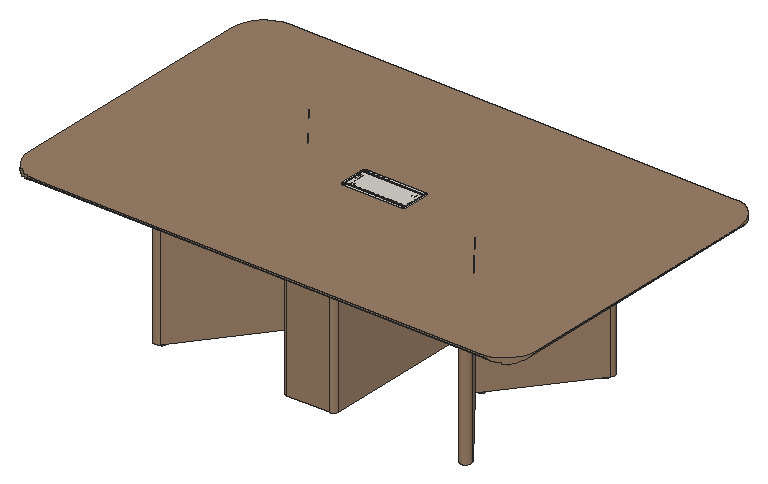
Revit family "Table-Teknion-CFTBKV-Figure_Table_Butter_Knife_Edge-Open_V_Leg_Base-R2023", category Furniture, Revit 2023 (continued)
Definition of nested family "BKV LEG"
  Definition of nested family "Hexa Panel"
    Lines and regions (in)
      symbolic lines, detail levels medium+fine
        curve 14: line (-4.88189, 7.25333, 0) -> (-4.88189, -7.25333, 0)
        curve 15: line (4.88189, -7.25333, 0) -> (4.88189, 7.25333, 0)
        curve 16: line (0.89772, 17.13189, 0) -> (-0.89772, 17.13189, 0)
        curve 17: line (-0.89772, 17.13189, 0) -> (-4.88189, 7.25333, 0)
        curve 18: line (4.88189, 7.25333, 0) -> (0.89772, 17.13189, 0)
        curve 19: line (2.88189, -6.8652, 0) -> (2.88189, 6.8652, 0)
        curve 20: line (0.92741, -11.71124, 0) -> (2.88189, -6.8652, 0)
        curve 21: line (-2.88189, -6.8652, 0) -> (-0.92741, -11.71124, 0)
        curve 22: line (-2.88189, 6.8652, 0) -> (-2.88189, -6.8652, 0)
        curve 23: line (-0.92741, 11.71124, 0) -> (-2.88189, 6.8652, 0)
        curve 24: line (2.88189, 6.8652, 0) -> (0.92741, 11.71124, 0)
        curve 25: arc (0.92741, 11.71124, 0) -> (0.55945, 12.16607, 0) -> (0, 12.3372, 0) r 1
        curve 26: arc (0, 12.3372, 0) -> (-0.55945, 12.16607, 0) -> (-0.92741, 11.71124, 0) r 1
        curve 27: arc (0, -12.3372, 0) -> (0.55945, -12.16607, 0) -> (0.92741, -11.71124, 0) r 1
        curve 28: arc (-0.92741, -11.71124, 0) -> (-0.55945, -12.16607, 0) -> (0, -12.3372, 0) r 1
      symbolic lines, detail levels fine
        curve 29: line (0.18042, -15.1875, 0) -> (-0.18042, -15.1875, 0)
        curve 30: line (-0.18042, -15.1875, 0) -> (-0.36084, -15.5, 0)
        curve 31: line (-0.36084, -15.5, 0) -> (-0.18042, -15.8125, 0)
        curve 32: line (-0.18042, -15.8125, 0) -> (0.18042, -15.8125, 0)
        curve 33: line (0.18042, -15.8125, 0) -> (0.36084, -15.5, 0)
        curve 34: line (0.36084, -15.5, 0) -> (0.18042, -15.1875, 0)
        curve 35: line (-3.54859, -7.06461, 0) -> (-3.72901, -6.75211, 0)
        curve 36: line (-3.72901, -6.75211, 0) -> (-4.08986, -6.75211, 0)
        curve 37: line (-4.08986, -6.75211, 0) -> (-4.27028, -7.06461, 0)
        curve 38: line (-4.27028, -7.06461, 0) -> (-4.08986, -7.37711, 0)
        curve 39: line (-4.08986, -7.37711, 0) -> (-3.72901, -7.37711, 0)
        curve 40: line (-3.72901, -7.37711, 0) -> (-3.54859, -7.06461, 0)
        curve 41: line (4.08986, -6.75211, 0) -> (3.72901, -6.75211, 0)
        curve 42: line (3.72901, -6.75211, 0) -> (3.54859, -7.06461, 0)
        curve 43: line (3.54859, -7.06461, 0) -> (3.72901, -7.37711, 0)
        curve 44: line (3.72901, -7.37711, 0) -> (4.08986, -7.37711, 0)
        curve 45: line (4.08986, -7.37711, 0) -> (4.27028, -7.06461, 0)
        curve 46: line (4.27028, -7.06461, 0) -> (4.08986, -6.75211, 0)
        curve 47: line (4.08986, 7.37711, 0) -> (3.72901, 7.37711, 0)
        curve 48: line (3.72901, 7.37711, 0) -> (3.54859, 7.06461, 0)
        curve 49: line (3.54859, 7.06461, 0) -> (3.72901, 6.75211, 0)
        curve 50: line (3.72901, 6.75211, 0) -> (4.08986, 6.75211, 0)
        curve 51: line (4.08986, 6.75211, 0) -> (4.27028, 7.06461, 0)
        curve 52: line (4.27028, 7.06461, 0) -> (4.08986, 7.37711, 0)
        curve 53: line (-3.72901, 7.37711, 0) -> (-4.08986, 7.37711, 0)
        curve 54: line (-4.08986, 7.37711, 0) -> (-4.27028, 7.06461, 0)
        curve 55: line (-4.27028, 7.06461, 0) -> (-4.08986, 6.75211, 0)
        curve 56: line (-4.08986, 6.75211, 0) -> (-3.72901, 6.75211, 0)
        curve 57: line (-3.72901, 6.75211, 0) -> (-3.54859, 7.06461, 0)
        curve 58: line (-3.54859, 7.06461, 0) -> (-3.72901, 7.37711, 0)
        curve 59: line (0.36084, 15.5, 0) -> (0.18042, 15.8125, 0)
        curve 60: line (0.18042, 15.8125, 0) -> (-0.18042, 15.8125, 0)
        curve 61: line (-0.18042, 15.8125, 0) -> (-0.36084, 15.5, 0)
        curve 62: line (-0.36084, 15.5, 0) -> (-0.18042, 15.1875, 0)
        curve 63: line (-0.18042, 15.1875, 0) -> (0.18042, 15.1875, 0)
        curve 64: line (0.18042, 15.1875, 0) -> (0.36084, 15.5, 0)
        curve 65: arc (-0.5, 15.5, 0) -> (0, 16, 0) -> (0.5, 15.5, 0) r 0.5
        curve 66: arc (0.5, 15.5, 0) -> (0, 15, 0) -> (-0.5, 15.5, 0) r 0.5
        curve 67: arc (3.40943, 7.06461, 0) -> (3.90943, 7.56461, 0) -> (4.40943, 7.06461, 0) r 0.5
        curve 68: arc (4.40943, 7.06461, 0) -> (3.90943, 6.56461, 0) -> (3.40943, 7.06461, 0) r 0.5
        curve 69: arc (-4.40943, 7.06461, 0) -> (-3.90943, 7.56461, 0) -> (-3.40943, 7.06461, 0) r 0.5
        curve 70: arc (-3.40943, 7.06461, 0) -> (-3.90943, 6.56461, 0) -> (-4.40943, 7.06461, 0) r 0.5
        curve 71: arc (-3.40943, -7.06461, 0) -> (-3.90943, -6.56461, 0) -> (-4.40943, -7.06461, 0) r 0.5
        curve 72: arc (-4.40943, -7.06461, 0) -> (-3.90943, -7.56461, 0) -> (-3.40943, -7.06461, 0) r 0.5
        curve 73: arc (4.40943, -7.06461, 0) -> (3.90943, -6.56461, 0) -> (3.40943, -7.06461, 0) r 0.5
        curve 74: arc (3.40943, -7.06461, 0) -> (3.90943, -7.56461, 0) -> (4.40943, -7.06461, 0) r 0.5
        curve 75: arc (0.5, -15.5, 0) -> (0, -15, 0) -> (-0.5, -15.5, 0) r 0.5
        curve 76: arc (-0.5, -15.5, 0) -> (0, -16, 0) -> (0.5, -15.5, 0) r 0.5
        curve 77: line (-0.67495, -18, 0) -> (0.67495, -18, 0)
    Dimensions and locks (in)
      plane 4 "Left" to plane 5 "Right" = 10.000"
      "Panel Width": plane 6 "Back" to plane 7 "Front"
      locked: plane 8 "Top" to level at 26.75
      equal spacing: plane 6 "Back", plane 1 "Center Front/Back", plane 7 "Front"
      equal spacing: plane 4 "Left", plane 3 "Center Left/Right", plane 5 "Right"
      plane 6 "Back" to plane 11 "4" to plane 12 "3" = 2.500" locked, 8.43539" locked
      plane 7 "Front" to plane 9 "1" to plane 10 "2" = 2.500" locked, 8.43539" locked
      locked: plane 13 to plane 2 at 0.5
      plane 7 "Front" to Sweep 1 sketch curve to Sweep 1 sketch curve to Sweep 1 sketch curve to Sweep 1 sketch curve to Sweep 1 sketch curve = 0.62596" locked, 0.000" locked, 0.37404" locked, 9.72375" locked, 0.000" locked
      plane 6 "Back" to Sweep 1 sketch curve to Sweep 1 sketch curve to Sweep 1 sketch curve to Sweep 1 sketch curve to Sweep 1 sketch curve = 0.62596" locked, 0.000" locked, 0.37404" locked, 9.72375" locked, 0.000" locked
      locked: Sweep 2 sketch curve to plane 13 at 0.75
      locked: plane 8 "Top" to Sweep 2 sketch curve at 0.75
      plane 4 "Left" to Sweep 2 sketch curve to Sweep 2 sketch curve to Sweep 2 sketch curve = 0.11811" locked, 3.98417" locked, 0.000" locked
      Sweep 2 sketch curve to Sweep 2 sketch curve to Sweep 2 sketch curve to plane 5 "Right" = 0.000" locked, 3.98417" locked, 0.11811" locked
      plane 6 "Back" to Sweep 2 sketch curve to Sweep 2 sketch curve to Sweep 2 sketch curve = 0.86811" locked, 9.87856" locked, 0.000" locked
      plane 7 "Front" to Sweep 2 sketch curve to Sweep 2 sketch curve to Sweep 2 sketch curve = 0.86811" locked, 9.87856" locked, 0.000" locked
      locked: Sweep 3 sketch curve to plane 8 "Top" at 2
      locked: plane 2 to Sweep 3 sketch curve at 2.25
      plane 7 "Front" to Sweep 3 sketch curve to Sweep 3 sketch curve to Sweep 3 sketch curve to Sweep 3 sketch curve to Sweep 3 sketch curve = 6.28876" locked, 0.000" locked, 0.37404" locked, 4.47199" locked, 0.000" locked
      plane 4 "Left" to Sweep 3 sketch curve to Sweep 3 sketch curve = 2.11811" locked, 1.95448" locked
      Sweep 3 sketch curve to Sweep 3 sketch curve to plane 5 "Right" = 1.95448" locked, 2.11811" locked
      locked: plane 4 "Left" to Sweep 3 sketch curve at 4.07259
      locked: Sweep 3 sketch curve to plane 5 "Right" at 4.07259
      plane 6 "Back" to Sweep 3 sketch curve to Sweep 3 sketch curve to Sweep 3 sketch curve to Sweep 3 sketch curve to Sweep 3 sketch curve = 6.28876" locked, 0.000" locked, 0.37404" locked, 4.47199" locked, 0.000" locked
      locked: plane 4 "Left" to Sweep 1 sketch curve at 4.07259  (x2)
      locked: Sweep 1 sketch curve to plane 5 "Right" at 4.07259  (x2)
      locked: Revolve 4 sketch curve to plane 2 at 0.25
      locked: plane 3 "Center Left/Right" to Revolve 4 sketch curve at 0.5
      locked: Revolve 5 sketch curve to plane 2 at 0.25
      Revolve 5 sketch curve to Revolve 5 sketch curve to plane 4 "Left" = 0.500" locked, 0.59057" locked
      locked: plane 4 "Left" to Revolve 5 sketch curve at 1.09057
      locked: Revolve 6 sketch curve to plane 2 at 0.25
      Revolve 6 sketch curve to Revolve 6 sketch curve to plane 5 "Right" = 0.500" locked, 1.09057" locked
      locked: Revolve 6 sketch curve to plane 5 "Right" at 1.09057
      Revolve 7 sketch curve to Revolve 7 sketch curve to plane 4 "Left" = 0.500" locked, 0.59057" locked
      locked: Revolve 7 sketch curve to plane 2 at 0.25
      locked: plane 4 "Left" to Revolve 7 sketch curve at 1.09057
      locked: Revolve 9 sketch curve to plane 2 at 0.25
      locked: plane 3 "Center Left/Right" to Revolve 9 sketch curve at 0.5
      locked: Revolve 8 sketch curve to plane 2 at 0.25
      Revolve 8 sketch curve to Revolve 8 sketch curve to plane 5 "Right" = 0.500" locked, 1.09057" locked
      locked: Revolve 8 sketch curve to plane 5 "Right" at 1.09057
      locked: Sweep 10 sketch curve to plane 2 at 0.25
      Sweep 10 sketch curve to Sweep 10 sketch curve to Sweep 10 sketch curve to plane 3 "Center Left/Right" to Sweep 10 sketch curve to Sweep 10 sketch curve to Sweep 10 sketch curve = 0.18042" locked, 0.000" locked, 0.18042" locked, 0.18042" locked, 0.000" locked, 0.18042" locked  (x2)
      Sweep 10 sketch curve to plane 9 "1" to Sweep 10 sketch curve = 0.3125" locked, 0.3125" locked
      plane 4 "Left" to Sweep 10 sketch curve to Sweep 10 sketch curve to Sweep 10 sketch curve to Sweep 10 sketch curve to Sweep 10 sketch curve to Sweep 10 sketch curve = 0.72972" locked, 0.18042" locked, 0.000" locked, 0.36084" locked, 0.000" locked, 0.18042" locked  (x2)
      Sweep 10 sketch curve to Sweep 10 sketch curve to Sweep 10 sketch curve to Sweep 10 sketch curve to Sweep 10 sketch curve to Sweep 10 sketch curve to plane 5 "Right" = 0.18042" locked, 0.000" locked, 0.36084" locked, 0.000" locked, 0.18042" locked, 0.72972" locked  (x2)
      Sweep 10 sketch curve to plane 10 "2" to Sweep 10 sketch curve = 0.3125" locked, 0.3125" locked  (x2)
      Sweep 10 sketch curve to plane 12 "3" to Sweep 10 sketch curve = 0.3125" locked, 0.3125" locked  (x2)
      Sweep 10 sketch curve to plane 11 "4" to Sweep 10 sketch curve = 0.3125" locked, 0.3125" locked
      aligned and locked: level to plane 2
      aligned and locked: Sweep 1 sketch curve to plane 3 "Center Left/Right"
      aligned and locked: plane 8 "Top" to Sweep 1 sketch curve
      aligned and locked: plane 13 to Sweep 1 sketch curve
      aligned and locked: plane 6 "Back" to Sweep 1 sketch curve
      aligned and locked: plane 7 "Front" to Sweep 1 sketch curve
      aligned and locked: Sweep 2 sketch curve to plane 3 "Center Left/Right"
      aligned and locked: Sweep 3 sketch curve to plane 3 "Center Left/Right"
      aligned and locked: plane 2 to Revolve 4 sketch curve
      aligned and locked: Revolve 4 sketch curve to plane 3 "Center Left/Right"  (x2)
      aligned and locked: plane 2 to Revolve 5 sketch curve
      aligned and locked: plane 2 to Revolve 6 sketch curve
      aligned and locked: plane 2 to Revolve 7 sketch curve
      aligned and locked: plane 2 to Revolve 9 sketch curve
      aligned and locked: Revolve 9 sketch curve to plane 3 "Center Left/Right"  (x2)
      aligned and locked: plane 2 to Revolve 8 sketch curve
      aligned and locked: plane 13 to Sweep 10 sketch curve
      aligned and locked: Sweep 10 sketch curve to plane 3 "Center Left/Right"
      aligned and locked: plane 9 "1" to Sweep 10 sketch curve  (x2)
      aligned and locked: plane 10 "2" to Sweep 10 sketch curve  (x4)
      aligned and locked: plane 12 "3" to Sweep 10 sketch curve  (x4)
      aligned and locked: plane 11 "4" to Sweep 10 sketch curve  (x2)
      aligned and locked: curve 1 to cut or joined group of Sweep 1, Sweep 2, Sweep 3, Sweep 11, Sweep 12, Sweep 13, Sweep 14
      aligned and locked: curve 3 to cut or joined group of Sweep 1, Sweep 2, Sweep 3, Sweep 11, Sweep 12, Sweep 13, Sweep 14
      aligned and locked: curve 4 to cut or joined group of Sweep 1, Sweep 2, Sweep 3, Sweep 11, Sweep 12, Sweep 13, Sweep 14
      aligned and locked: curve 5 to cut or joined group of Sweep 1, Sweep 2, Sweep 3, Sweep 11, Sweep 12, Sweep 13, Sweep 14
      aligned and locked: curve 6 to cut or joined group of Sweep 1, Sweep 2, Sweep 3, Sweep 11, Sweep 12, Sweep 13, Sweep 14
      aligned and locked: curve 7 to cut or joined group of Sweep 1, Sweep 2, Sweep 3, Sweep 11, Sweep 12, Sweep 13, Sweep 14
      aligned and locked: curve 9 to cut or joined group of Sweep 1, Sweep 2, Sweep 3, Sweep 11, Sweep 12, Sweep 13, Sweep 14
      aligned and locked: curve 10 to cut or joined group of Sweep 1, Sweep 2, Sweep 3, Sweep 11, Sweep 12, Sweep 13, Sweep 14
      aligned and locked: curve 11 to cut or joined group of Sweep 1, Sweep 2, Sweep 3, Sweep 11, Sweep 12, Sweep 13, Sweep 14
      aligned and locked: curve 12 to cut or joined group of Sweep 1, Sweep 2, Sweep 3, Sweep 11, Sweep 12, Sweep 13, Sweep 14
      aligned and locked: curve 13 to cut or joined group of Sweep 1, Sweep 2, Sweep 3, Sweep 11, Sweep 12, Sweep 13, Sweep 14
      aligned and locked: curve 14 to cut or joined group of Sweep 1, Sweep 2, Sweep 3, Sweep 11, Sweep 12, Sweep 13, Sweep 14
      aligned and locked: curve 15 to cut or joined group of Sweep 1, Sweep 2, Sweep 3, Sweep 11, Sweep 12, Sweep 13, Sweep 14
      aligned and locked: curve 16 to cut or joined group of Sweep 1, Sweep 2, Sweep 3, Sweep 11, Sweep 12, Sweep 13, Sweep 14
      aligned and locked: curve 17 to cut or joined group of Sweep 1, Sweep 2, Sweep 3, Sweep 11, Sweep 12, Sweep 13, Sweep 14
      aligned and locked: curve 18 to cut or joined group of Sweep 1, Sweep 2, Sweep 3, Sweep 11, Sweep 12, Sweep 13, Sweep 14
      aligned and locked: curve 19 to cut or joined group of Sweep 1, Sweep 2, Sweep 3, Sweep 11, Sweep 12, Sweep 13, Sweep 14
      aligned and locked: curve 21 to cut or joined group of Sweep 1, Sweep 2, Sweep 3, Sweep 11, Sweep 12, Sweep 13, Sweep 14
      aligned and locked: curve 22 to cut or joined group of Sweep 1, Sweep 2, Sweep 3, Sweep 11, Sweep 12, Sweep 13, Sweep 14
      aligned and locked: curve 24 to cut or joined group of Sweep 1, Sweep 2, Sweep 3, Sweep 11, Sweep 12, Sweep 13, Sweep 14
      aligned and locked: curve 25 to cut or joined group of Sweep 1, Sweep 2, Sweep 3, Sweep 11, Sweep 12, Sweep 13, Sweep 14
      aligned and locked: curve 26 to cut or joined group of Sweep 1, Sweep 2, Sweep 3, Sweep 11, Sweep 12, Sweep 13, Sweep 14
      aligned and locked: curve 27 to cut or joined group of Sweep 1, Sweep 2, Sweep 3, Sweep 11, Sweep 12, Sweep 13, Sweep 14
      aligned and locked: curve 28 to cut or joined group of Sweep 1, Sweep 2, Sweep 3, Sweep 11, Sweep 12, Sweep 13, Sweep 14
      aligned and locked: curve 29 to cut or joined group of Revolve 4, Revolve 5, Revolve 6, Revolve 7, Revolve 8, Revolve 9, Sweep 10
      aligned and locked: curve 30 to cut or joined group of Revolve 4, Revolve 5, Revolve 6, Revolve 7, Revolve 8, Revolve 9, Sweep 10
      aligned and locked: curve 31 to cut or joined group of Revolve 4, Revolve 5, Revolve 6, Revolve 7, Revolve 8, Revolve 9, Sweep 10
      aligned and locked: curve 32 to cut or joined group of Revolve 4, Revolve 5, Revolve 6, Revolve 7, Revolve 8, Revolve 9, Sweep 10
      aligned and locked: curve 33 to cut or joined group of Revolve 4, Revolve 5, Revolve 6, Revolve 7, Revolve 8, Revolve 9, Sweep 10
      aligned and locked: curve 34 to cut or joined group of Revolve 4, Revolve 5, Revolve 6, Revolve 7, Revolve 8, Revolve 9, Sweep 10
      aligned and locked: curve 35 to cut or joined group of Revolve 4, Revolve 5, Revolve 6, Revolve 7, Revolve 8, Revolve 9, Sweep 10
      aligned and locked: curve 36 to cut or joined group of Revolve 4, Revolve 5, Revolve 6, Revolve 7, Revolve 8, Revolve 9, Sweep 10
      aligned and locked: curve 37 to cut or joined group of Revolve 4, Revolve 5, Revolve 6, Revolve 7, Revolve 8, Revolve 9, Sweep 10
      aligned and locked: curve 38 to cut or joined group of Revolve 4, Revolve 5, Revolve 6, Revolve 7, Revolve 8, Revolve 9, Sweep 10
      aligned and locked: curve 39 to cut or joined group of Revolve 4, Revolve 5, Revolve 6, Revolve 7, Revolve 8, Revolve 9, Sweep 10
      aligned and locked: curve 40 to cut or joined group of Revolve 4, Revolve 5, Revolve 6, Revolve 7, Revolve 8, Revolve 9, Sweep 10
      aligned and locked: curve 41 to cut or joined group of Revolve 4, Revolve 5, Revolve 6, Revolve 7, Revolve 8, Revolve 9, Sweep 10
      aligned and locked: curve 42 to cut or joined group of Revolve 4, Revolve 5, Revolve 6, Revolve 7, Revolve 8, Revolve 9, Sweep 10
      aligned and locked: curve 43 to cut or joined group of Revolve 4, Revolve 5, Revolve 6, Revolve 7, Revolve 8, Revolve 9, Sweep 10
      aligned and locked: curve 44 to cut or joined group of Revolve 4, Revolve 5, Revolve 6, Revolve 7, Revolve 8, Revolve 9, Sweep 10
      aligned and locked: curve 45 to cut or joined group of Revolve 4, Revolve 5, Revolve 6, Revolve 7, Revolve 8, Revolve 9, Sweep 10
      aligned and locked: curve 46 to cut or joined group of Revolve 4, Revolve 5, Revolve 6, Revolve 7, Revolve 8, Revolve 9, Sweep 10
      aligned and locked: curve 47 to cut or joined group of Revolve 4, Revolve 5, Revolve 6, Revolve 7, Revolve 8, Revolve 9, Sweep 10
      aligned and locked: curve 48 to cut or joined group of Revolve 4, Revolve 5, Revolve 6, Revolve 7, Revolve 8, Revolve 9, Sweep 10
      aligned and locked: curve 49 to cut or joined group of Revolve 4, Revolve 5, Revolve 6, Revolve 7, Revolve 8, Revolve 9, Sweep 10
      aligned and locked: curve 50 to cut or joined group of Revolve 4, Revolve 5, Revolve 6, Revolve 7, Revolve 8, Revolve 9, Sweep 10
      aligned and locked: curve 51 to cut or joined group of Revolve 4, Revolve 5, Revolve 6, Revolve 7, Revolve 8, Revolve 9, Sweep 10
      aligned and locked: curve 52 to cut or joined group of Revolve 4, Revolve 5, Revolve 6, Revolve 7, Revolve 8, Revolve 9, Sweep 10
      aligned and locked: curve 53 to cut or joined group of Revolve 4, Revolve 5, Revolve 6, Revolve 7, Revolve 8, Revolve 9, Sweep 10
      aligned and locked: curve 54 to cut or joined group of Revolve 4, Revolve 5, Revolve 6, Revolve 7, Revolve 8, Revolve 9, Sweep 10
      aligned and locked: curve 55 to cut or joined group of Revolve 4, Revolve 5, Revolve 6, Revolve 7, Revolve 8, Revolve 9, Sweep 10
      aligned and locked: curve 56 to cut or joined group of Revolve 4, Revolve 5, Revolve 6, Revolve 7, Revolve 8, Revolve 9, Sweep 10
      aligned and locked: curve 57 to cut or joined group of Revolve 4, Revolve 5, Revolve 6, Revolve 7, Revolve 8, Revolve 9, Sweep 10
      aligned and locked: curve 58 to cut or joined group of Revolve 4, Revolve 5, Revolve 6, Revolve 7, Revolve 8, Revolve 9, Sweep 10
      aligned and locked: curve 59 to cut or joined group of Revolve 4, Revolve 5, Revolve 6, Revolve 7, Revolve 8, Revolve 9, Sweep 10
      aligned and locked: curve 60 to cut or joined group of Revolve 4, Revolve 5, Revolve 6, Revolve 7, Revolve 8, Revolve 9, Sweep 10
      aligned and locked: curve 61 to cut or joined group of Revolve 4, Revolve 5, Revolve 6, Revolve 7, Revolve 8, Revolve 9, Sweep 10
      aligned and locked: curve 62 to cut or joined group of Revolve 4, Revolve 5, Revolve 6, Revolve 7, Revolve 8, Revolve 9, Sweep 10
      aligned and locked: curve 63 to cut or joined group of Revolve 4, Revolve 5, Revolve 6, Revolve 7, Revolve 8, Revolve 9, Sweep 10
      aligned and locked: curve 64 to cut or joined group of Revolve 4, Revolve 5, Revolve 6, Revolve 7, Revolve 8, Revolve 9, Sweep 10
      aligned and locked: curve 65 to cut or joined group of Revolve 4, Revolve 5, Revolve 6, Revolve 7, Revolve 8, Revolve 9, Sweep 10
      aligned and locked: curve 66 to cut or joined group of Revolve 4, Revolve 5, Revolve 6, Revolve 7, Revolve 8, Revolve 9, Sweep 10
      aligned and locked: curve 67 to cut or joined group of Revolve 4, Revolve 5, Revolve 6, Revolve 7, Revolve 8, Revolve 9, Sweep 10
      aligned and locked: curve 68 to cut or joined group of Revolve 4, Revolve 5, Revolve 6, Revolve 7, Revolve 8, Revolve 9, Sweep 10
      aligned and locked: curve 69 to cut or joined group of Revolve 4, Revolve 5, Revolve 6, Revolve 7, Revolve 8, Revolve 9, Sweep 10
      aligned and locked: curve 70 to cut or joined group of Revolve 4, Revolve 5, Revolve 6, Revolve 7, Revolve 8, Revolve 9, Sweep 10
      aligned and locked: curve 71 to cut or joined group of Revolve 4, Revolve 5, Revolve 6, Revolve 7, Revolve 8, Revolve 9, Sweep 10
      aligned and locked: curve 72 to cut or joined group of Revolve 4, Revolve 5, Revolve 6, Revolve 7, Revolve 8, Revolve 9, Sweep 10
      aligned and locked: curve 73 to cut or joined group of Revolve 4, Revolve 5, Revolve 6, Revolve 7, Revolve 8, Revolve 9, Sweep 10
      aligned and locked: curve 74 to cut or joined group of Revolve 4, Revolve 5, Revolve 6, Revolve 7, Revolve 8, Revolve 9, Sweep 10
      aligned and locked: curve 75 to cut or joined group of Revolve 4, Revolve 5, Revolve 6, Revolve 7, Revolve 8, Revolve 9, Sweep 10
      aligned and locked: curve 76 to cut or joined group of Revolve 4, Revolve 5, Revolve 6, Revolve 7, Revolve 8, Revolve 9, Sweep 10
      aligned and locked: plane 7 "Front" to curve 77
      aligned and locked: plane 8 "Top" to Sweep 11 sketch curve
    Automatic sketch dimensions
      Sweep 1 sketch curve to profile plane = 0.000"  (x2)
      Sweep 3 sketch curve to profile plane = 0.000"  (x2)
      Revolve 4 sketch curve to level = 0.69828"
      plane 13 to Revolve 4 sketch curve = 0.15926"
      Revolve 5 sketch curve to plane 13 = 0.07146"
      Revolve 5 sketch curve to level = 0.48144"
      Revolve 6 sketch curve to plane 13 = 0.0769"
      Revolve 6 sketch curve to level = 0.3269"
      level to Revolve 7 sketch curve = 0.23252"
      plane 13 to Revolve 7 sketch curve = 0.09564"
      level to Revolve 9 sketch curve = 0.54196"
      Revolve 9 sketch curve to plane 13 = 0.1177"
      level to Revolve 8 sketch curve = 0.45393"
      plane 13 to Revolve 8 sketch curve = 0.08613"
      curve 4 to plane 3 "Center Left/Right" = 0.000"
      curve 9 to plane 3 "Center Left/Right" = 0.000"
      curve 5 to curve 13 = 0.02292"
      curve 14 to curve 2 = 0.02292"
      curve 23 to curve 24 = 0.000"
      curve 25 to plane 3 "Center Left/Right" = 0.000"
      plane 10 "2" to curve 19 = 0.19941"
      curve 28 to plane 3 "Center Left/Right" = 0.000"
      plane 11 "4" to curve 65 = 0.000"
      plane 11 "4" to curve 66 = 0.000"
      plane 12 "3" to curve 67 = 0.000"
      plane 12 "3" to curve 68 = 0.000"
      plane 12 "3" to curve 69 = 0.000"
      plane 12 "3" to curve 70 = 0.000"
      curve 71 to plane 10 "2" = 0.000"
      curve 72 to plane 10 "2" = 0.000"
      curve 73 to plane 10 "2" = 0.000"
      curve 74 to plane 10 "2" = 0.000"
      curve 75 to plane 9 "1" = 0.000"  (x2)
      curve 3 to curve 16 = 0.02969"
      curve 16 to curve 4 = 0.02969"
      curve 10 to curve 11 = 0.02969"
      curve 11 to curve 9 = 0.02969"
      curve 2 to plane 6 "Back" = 0.000"
      curve 1 to plane 6 "Back" = 0.000"
      Sweep 11 sketch curve to plane 1 "Center Front/Back" = 0.000"
      Sweep 11 sketch curve to plane 4 "Left" = 3.000"
      Sweep 11 sketch curve to plane 5 "Right" = 3.000"
      Sweep 12 sketch curve to plane 1 "Center Front/Back" = 0.000"
      Sweep 12 sketch curve to plane 4 "Left" = 3.250"
      Sweep 12 sketch curve to plane 3 "Center Left/Right" = 1.000"
      Sweep 13 sketch curve to plane 3 "Center Left/Right" = 0.000"
      Sweep 13 sketch curve to level = 4.500"
      plane 13 to Sweep 13 sketch curve = 5.000"
      plane 1 "Center Front/Back" to Sweep 13 sketch curve = 0.000"
      Sweep 13 sketch curve to profile plane = 0.000"
      profile plane to Sweep 11 sketch curve = 5.000"
      Sweep 11 sketch curve to Sweep 11 sketch curve = 0.500"  (x2)
      Sweep 11 sketch curve to profile plane = 4.500"
      Sweep 11 sketch curve to Sweep 11 sketch curve = 2.250"
      profile plane to Sweep 12 sketch curve = 4.000"
      Sweep 12 sketch curve to Sweep 12 sketch curve = 0.100"  (x3)
      Sweep 12 sketch curve to Sweep 12 sketch curve = 0.500"
      Sweep 12 sketch curve to profile plane = 3.500"
      Sweep 12 sketch curve to profile plane = 3.900"
      level to Sweep 12 sketch curve = 4.500"
      Sweep 12 sketch curve to Sweep 12 sketch curve = 16.650"
      Sweep 12 sketch curve to Sweep 12 sketch curve = 0.750"
      Sweep 14 sketch curve to plane 1 "Center Front/Back" = 0.000"
      Sweep 14 sketch curve to plane 4 "Left" = 3.000"
      Sweep 14 sketch curve to plane 5 "Right" = 2.250"
      radius of Sweep 13 sketch curve = 4.11878"
  Definition of nested family "V Leg"
    Parameters (values of type "V Leg")
      Warranty = "http://www.teknion.com/ca/papers/legal-canada"
      V Leg - Width [instance] = if(Depth = 60.000", 15.045", 12.743")  # 15.045"
      Unit Weight URL = "http://www.teknion.com/ca/tools/assets#&asset=bee6a381-b954-425e-8283-5a2de3a804f2,f828d448-4b62-4231-9e5f-9a8991c0ed77"
      URL = "www.teknion.com"
      To render please download texture images found here [instance] = "https://assets.teknion.com/web/5e81352c1dfdb467/revit-material-swatches/"
      Sustainability Data = "https://www.teknion.com/ca/tools/assets#&topic=216f99a5-57a0-44fc-b10a-9dee9b29ae4c&asset=444deb64-fe58-4b68-981e-f75e97781df7,b4ff2d81-9f2e-437d-9659-7cffb09c31cf"
      Series = ""
      Product Page URL = ""
      Product Line = ""
      Product Documentation Link = ""
      Part Number = ""
      Model = ""
      Manufacturer Phone = "416-661-3370"  # constant formula
      Manufacturer Fax = "416.661.4586"  # constant formula
      Manufacturer Contact Information = "http://www.teknion.com/ca/contactus"
      Manufacturer Address = "1150 Flint Road, Toronto, ON. M3J 2J5. Canada"  # constant formula
      Manufacturer = "Teknion"  # constant formula
      How To Use Teknion Materials User Guide [instance] = "https://assets.teknion.com/m/205dd0a49fa58060/original/How-to-add-a-Material-Library-and-Texture-Images-to-your-Revit-project.pdf"
      Glide Finish [instance] = none
      V Leg - Depth [instance] = if(Depth = 60.000", 36.000", 30.000")  # 36.000"
      For Additional Finishes please visit [instance] = "https://assets.teknion.com/m/44a8009b046e5d47/original/Teknion_Materials_Library.zip"
      Description = "V Leg"
      Depth [instance] = 60.000"
      Default Elevation = 0.000"
      Base Finish [instance] = none
      Assembly Code = "E2020200"
    Reference planes (in)
      plane 1 "Center Front/Back": y = -0.10332
      plane 2: z = 0
      plane 3 "Center Left/Right": x = 6.2179
      plane 4 "Left": x = -1.3046
      plane 5 "Right": x = 13.7404
      plane 6 "Back": y = 17.89668
      plane 7 "Front": y = -18.10332
      plane 8 "Top": z = 26.75
      plane 9: z = 0.5
    Forms (in)
      Sweep 1, solid, material <- "Glide Finish"
        path origin (0, -0.10332, 0) x (1, 0, 0) y (0, 0, 1)
          loop
            line (6.2179, 0.25) -> (6.2179, 0.5)
        profile origin (6.2179, -0.10332, 0.375) x (-1, 0, 0) y (0, -1, 0)
          loop
            line (6.0377, -16.91582) -> (6.39854, -16.91582) -> (6.57896, -16.60332) -> (6.39854, -16.29082) -> (6.0377, -16.29082) -> (5.85728, -16.60332) -> (6.0377, -16.91582)
          loop
            line (-5.4854, -1.89921) -> (-5.12456, -1.89921) -> (-4.94413, -1.58671) -> (-5.12456, -1.27421) -> (-5.4854, -1.27421) -> (-5.66582, -1.58671) -> (-5.4854, -1.89921)
          loop
            line (-5.66582, 1.58671) -> (-5.4854, 1.27421) -> (-5.12456, 1.27421) -> (-4.94413, 1.58671) -> (-5.12456, 1.89921) -> (-5.4854, 1.89921) -> (-5.66582, 1.58671)
          loop
            line (6.0377, 16.29082) -> (6.39854, 16.29082) -> (6.57896, 16.60332) -> (6.39854, 16.91582) -> (6.0377, 16.91582) -> (5.85728, 16.60332) -> (6.0377, 16.29082)
      Sweep 2, solid, material <- "Glide Finish"
        path origin (0, -0.10332, 0) x (1, 0, 0) y (0, 0, 1)
          loop
            line (6.2179, 0.25) -> (6.2179, 0)
        profile origin (6.2179, -0.10332, 0.125) x (0, -1, 0) y (1, 0, 0)
          loop
            circle (16.60332, -6.21812) r 0.5
          loop
            circle (-16.60332, -6.21812) r 0.5
          loop
            circle (-1.58671, 5.30498) r 0.5
          loop
            circle (1.58671, 5.30498) r 0.5
      Sweep 3, solid, material <- "Base Finish"
        path origin (0, -0.10332, 0) x (1, 0, 0) y (0, 0, 1)
          loop
            line (6.2179, 0.5) -> (6.2179, 26.75)
        profile origin (6.2179, -0.10332, 13.625) x (-1, 0, 0) y (0, -1, 0)
          loop
            line (-7.31541, -0.60876) -> (5.72915, -17.60876)
            arc (5.72915, -17.60876) -> (6.08021, -17.89687) -> (6.5225, -18) r 1
            arc (6.5225, -18) -> (7.41937, -17.44229) -> (7.31585, -16.39124) r 1
            line (7.31585, -16.39124) -> (-5.26159, 0) -> (7.31585, 16.39124)
            arc (7.31585, 16.39124) -> (7.13126, 17.79335) -> (5.72915, 17.60876) r 1
            line (5.72915, 17.60876) -> (-7.31541, 0.60876)
            arc (-7.31541, 0.60876) -> (-7.52215, 0) -> (-7.31541, -0.60876) r 0.99965
    Cuts and joins
      joined: Sweep 1, Sweep 2
    Lines and regions (in)
      Masking region 1, detail levels medium+fine
        outline origin (0, 0, 0) x (1, 0, 0) y (0, 1, 0)
          loop
            line (13.53331, 0.50544) -> (0.48875, 17.50544)
            arc (0.48875, 17.50544) -> (0.13769, 17.79355) -> (-0.3046, 17.89668) r 1
            arc (-0.3046, 17.89668) -> (-1.20147, 17.33897) -> (-1.09795, 16.28792) r 1
            line (-1.09795, 16.28792) -> (11.47949, -0.10332) -> (-1.09795, -16.49456)
            arc (-1.09795, -16.49456) -> (-0.91336, -17.89668) -> (0.48875, -17.71208) r 1
            line (0.48875, -17.71208) -> (13.53331, -0.71208)
            arc (13.53331, -0.71208) -> (13.74005, -0.10332) -> (13.53331, 0.50544) r 0.99965
      symbolic lines, detail levels fine
        curve 1: line (0.1802, 16.8125, 0) -> (-0.18064, 16.8125, 0)
        curve 2: line (-0.18064, 16.8125, 0) -> (-0.36106, 16.5, 0)
        curve 3: line (-0.36106, 16.5, 0) -> (-0.18064, 16.1875, 0)
        curve 4: line (-0.18064, 16.1875, 0) -> (0.1802, 16.1875, 0)
        curve 5: line (0.1802, 16.1875, 0) -> (0.36062, 16.5, 0)
        curve 6: line (0.36062, 16.5, 0) -> (0.1802, 16.8125, 0)
        curve 7: arc (-0.00022, 16, 0) -> (0.49978, 16.5, 0) -> (-0.00022, 17, 0) r 0.5
        curve 8: arc (-0.00022, 17, 0) -> (-0.50022, 16.5, 0) -> (-0.00022, 16, 0) r 0.5
        curve 9: line (11.88372, 1.48338, 0) -> (11.7033, 1.79588, 0)
        curve 10: line (11.7033, 1.79588, 0) -> (11.34245, 1.79588, 0)
        curve 11: line (11.34245, 1.79588, 0) -> (11.16203, 1.48338, 0)
        curve 12: line (11.16203, 1.48338, 0) -> (11.34245, 1.17088, 0)
        curve 13: line (11.34245, 1.17088, 0) -> (11.7033, 1.17088, 0)
        curve 14: line (11.7033, 1.17088, 0) -> (11.88372, 1.48338, 0)
        curve 15: arc (11.52288, 1.98338, 0) -> (11.02288, 1.48338, 0) -> (11.52288, 0.98338, 0) r 0.5
        curve 16: arc (11.52288, 0.98338, 0) -> (12.02288, 1.48338, 0) -> (11.52288, 1.98338, 0) r 0.5
        curve 17: arc (11.52288, -2.19003, 0) -> (12.02288, -1.69003, 0) -> (11.52288, -1.19003, 0) r 0.5
        curve 18: arc (11.52288, -1.19003, 0) -> (11.02288, -1.69003, 0) -> (11.52288, -2.19003, 0) r 0.5
        curve 19: line (11.7033, -1.37753, 0) -> (11.34245, -1.37753, 0)
        curve 20: line (11.34245, -1.37753, 0) -> (11.16203, -1.69003, 0)
        curve 21: line (11.16203, -1.69003, 0) -> (11.34245, -2.00253, 0)
        curve 22: line (11.34245, -2.00253, 0) -> (11.7033, -2.00253, 0)
        curve 23: line (11.7033, -2.00253, 0) -> (11.88372, -1.69003, 0)
        curve 24: line (11.88372, -1.69003, 0) -> (11.7033, -1.37753, 0)
        curve 25: line (-0.18064, -17.01915, 0) -> (0.1802, -17.01915, 0)
        curve 26: line (0.1802, -17.01915, 0) -> (0.36062, -16.70665, 0)
        curve 27: line (0.36062, -16.70665, 0) -> (0.1802, -16.39415, 0)
        curve 28: line (0.1802, -16.39415, 0) -> (-0.18064, -16.39415, 0)
        curve 29: line (-0.18064, -16.39415, 0) -> (-0.36106, -16.70665, 0)
        curve 30: line (-0.36106, -16.70665, 0) -> (-0.18064, -17.01915, 0)
        curve 31: arc (-0.00022, -16.20665, 0) -> (-0.50022, -16.70665, 0) -> (-0.00022, -17.20665, 0) r 0.5
        curve 32: arc (-0.00022, -17.20665, 0) -> (0.49978, -16.70665, 0) -> (-0.00022, -16.20665, 0) r 0.5
    Dimensions and locks (in)
      "V Leg - Width": plane 4 "Left" to plane 5 "Right"
      "V Leg - Depth": plane 6 "Back" to plane 7 "Front"
      locked: plane 8 "Top" to level at 26.75
      equal spacing: plane 6 "Back", plane 1 "Center Front/Back", plane 7 "Front"
      locked: plane 9 to plane 2 at 0.5
      locked: Sweep 1 sketch curve to plane 2 at 0.25
      locked: Sweep 2 sketch curve to plane 2 at 0.25
      equal spacing: plane 4 "Left", plane 3 "Center Left/Right", plane 5 "Right"
      plane 7 "Front" to Sweep 1 sketch curve to Sweep 1 sketch curve to Sweep 1 sketch curve to Sweep 1 sketch curve = 1.08418" locked, 0.3125" locked, 0.000" locked, 0.3125" locked
      plane 4 "Left" to Sweep 1 sketch curve to Sweep 1 sketch curve to Sweep 1 sketch curve to Sweep 1 sketch curve to Sweep 1 sketch curve to Sweep 1 sketch curve = 0.94354" locked, 0.18042" locked, 0.000" locked, 0.36084" locked, 0.000" locked, 0.18042" locked  (x2)
      Sweep 1 sketch curve to Sweep 1 sketch curve to Sweep 1 sketch curve to Sweep 1 sketch curve to plane 1 "Center Front/Back" to Sweep 1 sketch curve to Sweep 1 sketch curve to Sweep 1 sketch curve to Sweep 1 sketch curve = 0.3125" locked, 0.000" locked, 0.3125" locked, 1.27421" locked, 1.27421" locked, 0.3125" locked, 0.000" locked, 0.3125" locked
      Sweep 1 sketch curve to Sweep 1 sketch curve to Sweep 1 sketch curve to Sweep 1 sketch curve to Sweep 1 sketch curve to Sweep 1 sketch curve to Sweep 1 sketch curve to Sweep 1 sketch curve to Sweep 1 sketch curve to Sweep 1 sketch curve to Sweep 1 sketch curve to Sweep 1 sketch curve to plane 5 "Right" = 0.000" locked, 0.18042" locked, 0.000" locked, 0.000" locked, 0.000" locked, 0.36084" locked, 0.000" locked, 0.000" locked, 0.000" locked, 0.18042" locked, 0.000" locked, 1.85668" locked
      plane 6 "Back" to Sweep 1 sketch curve to Sweep 1 sketch curve to Sweep 1 sketch curve to Sweep 1 sketch curve = 1.08418" locked, 0.3125" locked, 0.000" locked, 0.3125" locked
      Sweep 2 sketch curve to plane 1 "Center Front/Back" to Sweep 2 sketch curve = 1.58671" locked, 1.58671" locked
      Sweep 2 sketch curve to Sweep 2 sketch curve to plane 5 "Right" = 0.000" locked, 2.21752" locked
      locked: plane 7 "Front" to Sweep 2 sketch curve at 1.39668
      locked: plane 4 "Left" to Sweep 2 sketch curve at 1.30438  (x2)
      locked: plane 6 "Back" to Sweep 2 sketch curve at 1.39668
      locked: Sweep 3 sketch curve to plane 5 "Right" at 1
      locked: plane 1 "Center Front/Back" to Sweep 3 sketch curve
      locked: plane 6 "Back" to Sweep 3 sketch curve at 1
      locked: plane 4 "Left" to Sweep 3 sketch curve at 1  (x2)
      locked: plane 7 "Front" to Sweep 3 sketch curve at 1
      locked: Masking region 1 sketch curve to plane 5 "Right" at 1
      locked: plane 1 "Center Front/Back" to Masking region 1 sketch curve
      locked: plane 6 "Back" to Masking region 1 sketch curve at 1
      locked: plane 4 "Left" to Masking region 1 sketch curve at 1  (x2)
      locked: plane 7 "Front" to Masking region 1 sketch curve at 1
      aligned and locked: level to plane 2
      aligned and locked: Sweep 1 sketch curve to plane 9
      aligned and locked: plane 3 "Center Left/Right" to Sweep 1 sketch curve
      aligned and locked: plane 2 to Sweep 2 sketch curve
      aligned and locked: Sweep 2 sketch curve to plane 3 "Center Left/Right"
      aligned and locked: plane 8 "Top" to Sweep 3 sketch curve
      aligned and locked: plane 3 "Center Left/Right" to Sweep 3 sketch curve
      aligned and locked: Sweep 3 sketch curve to plane 9
      aligned and locked: curve 1 to cut or joined group of Sweep 1, Sweep 2
      aligned and locked: curve 2 to cut or joined group of Sweep 1, Sweep 2
      aligned and locked: curve 3 to cut or joined group of Sweep 1, Sweep 2
      aligned and locked: curve 4 to cut or joined group of Sweep 1, Sweep 2
      aligned and locked: curve 5 to cut or joined group of Sweep 1, Sweep 2
      aligned and locked: curve 6 to cut or joined group of Sweep 1, Sweep 2
      aligned and locked: curve 7 to cut or joined group of Sweep 1, Sweep 2
      aligned and locked: curve 8 to cut or joined group of Sweep 1, Sweep 2
      aligned and locked: curve 9 to cut or joined group of Sweep 1, Sweep 2
      aligned and locked: curve 10 to cut or joined group of Sweep 1, Sweep 2
      aligned and locked: curve 11 to cut or joined group of Sweep 1, Sweep 2
      aligned and locked: curve 12 to cut or joined group of Sweep 1, Sweep 2
      aligned and locked: curve 13 to cut or joined group of Sweep 1, Sweep 2
      aligned and locked: curve 14 to cut or joined group of Sweep 1, Sweep 2
      aligned and locked: curve 15 to cut or joined group of Sweep 1, Sweep 2
      aligned and locked: curve 16 to cut or joined group of Sweep 1, Sweep 2
      aligned and locked: curve 17 to cut or joined group of Sweep 1, Sweep 2
      aligned and locked: curve 18 to cut or joined group of Sweep 1, Sweep 2
      aligned and locked: curve 19 to cut or joined group of Sweep 1, Sweep 2
      aligned and locked: curve 20 to cut or joined group of Sweep 1, Sweep 2
      aligned and locked: curve 21 to cut or joined group of Sweep 1, Sweep 2
      aligned and locked: curve 22 to cut or joined group of Sweep 1, Sweep 2
      aligned and locked: curve 23 to cut or joined group of Sweep 1, Sweep 2
      aligned and locked: curve 24 to cut or joined group of Sweep 1, Sweep 2
      aligned and locked: curve 25 to cut or joined group of Sweep 1, Sweep 2
      aligned and locked: curve 26 to cut or joined group of Sweep 1, Sweep 2
      aligned and locked: curve 27 to cut or joined group of Sweep 1, Sweep 2
      aligned and locked: curve 28 to cut or joined group of Sweep 1, Sweep 2
      aligned and locked: curve 29 to cut or joined group of Sweep 1, Sweep 2
      aligned and locked: curve 30 to cut or joined group of Sweep 1, Sweep 2
      aligned and locked: curve 31 to cut or joined group of Sweep 1, Sweep 2
      aligned and locked: curve 32 to cut or joined group of Sweep 1, Sweep 2
    Automatic sketch dimensions
      Sweep 3 sketch curve to Sweep 3 sketch curve = 0.79335"  (x4)
      plane 1 "Center Front/Back" to Sweep 3 sketch curve = 0.60876"
      plane 1 "Center Front/Back" to Sweep 3 sketch curve = 0.000"
      Sweep 3 sketch curve to Sweep 3 sketch curve = 0.79291"
      Sweep 3 sketch curve to Sweep 3 sketch curve = 0.60876"  (x2)
      Sweep 3 sketch curve to plane 1 "Center Front/Back" = 0.60876"
      Sweep 3 sketch curve to Sweep 3 sketch curve = 1.26091"
      Sweep 3 sketch curve to Sweep 3 sketch curve = 0.000"
      Masking region 1 sketch curve to Masking region 1 sketch curve = 0.000"
      Masking region 1 sketch curve to plane 6 "Back" = 0.000"
      plane 1 "Center Front/Back" to Masking region 1 sketch curve = 0.000"
      plane 4 "Left" to Masking region 1 sketch curve = 0.20665"  (x2)
      Masking region 1 sketch curve to plane 7 "Front" = 0.39124"
      Masking region 1 sketch curve to Masking region 1 sketch curve = 0.79335"
      Masking region 1 sketch curve to plane 6 "Back" = 0.39124"
      plane 5 "Right" to Masking region 1 sketch curve = 2.26091"
      plane 5 "Right" to Masking region 1 sketch curve = 0.20709"  (x2)
      plane 1 "Center Front/Back" to Masking region 1 sketch curve = 0.60876"
      radius of Sweep 2 sketch curve = 0.500"  (x4)
  Definition of nested family "Teknion_2D_Node_Family-R2021"
    Reference planes (in)
      plane 1 "Center (Front/Back)": y = 0
      plane 2: z = 0
      plane 3 "Center (Left/Right)": x = 0
    Lines and regions (in)
      detail lines, in view "Ref. Level"
        curve 1: circle (0, 0, 0) r 1.25 normal (0, 0, 1)
        curve 2: line (1.91508, -1.91508, 0) -> (-1.91508, 1.91508, 0)
        curve 3: line (-1.91508, -1.91508, 0) -> (1.91508, 1.91508, 0)
Definition of nested family "V Leg"
  Parameters (values of type "V Leg")
    Warranty = "http://www.teknion.com/ca/papers/legal-canada"
    V Leg - Width [instance] = if(Depth = 60.000", 15.045", 12.743")  # 15.045"
    Unit Weight URL = "http://www.teknion.com/ca/tools/assets#&asset=bee6a381-b954-425e-8283-5a2de3a804f2,f828d448-4b62-4231-9e5f-9a8991c0ed77"
    URL = "www.teknion.com"
    To render please download texture images found here [instance] = "https://assets.teknion.com/web/5e81352c1dfdb467/revit-material-swatches/"
    Sustainability Data = "https://www.teknion.com/ca/tools/assets#&topic=216f99a5-57a0-44fc-b10a-9dee9b29ae4c&asset=444deb64-fe58-4b68-981e-f75e97781df7,b4ff2d81-9f2e-437d-9659-7cffb09c31cf"
    Series = ""
    Product Page URL = ""
    Product Line = ""
    Product Documentation Link = ""
    Part Number = ""
    Model = ""
    Manufacturer Phone = "416-661-3370"  # constant formula
    Manufacturer Fax = "416.661.4586"  # constant formula
    Manufacturer Contact Information = "http://www.teknion.com/ca/contactus"
    Manufacturer Address = "1150 Flint Road, Toronto, ON. M3J 2J5. Canada"  # constant formula
    Manufacturer = "Teknion"  # constant formula
    How To Use Teknion Materials User Guide [instance] = "https://assets.teknion.com/m/205dd0a49fa58060/original/How-to-add-a-Material-Library-and-Texture-Images-to-your-Revit-project.pdf"
    Glide Finish [instance] = none
    V Leg - Depth [instance] = if(Depth = 60.000", 36.000", 30.000")  # 36.000"
    For Additional Finishes please visit [instance] = "https://assets.teknion.com/m/44a8009b046e5d47/original/Teknion_Materials_Library.zip"
    Description = "V Leg"
    Depth [instance] = 60.000"
    Default Elevation = 0.000"
    Base Finish [instance] = none
    Assembly Code = "E2020200"
  Reference planes (in)
    plane 1 "Center Front/Back": y = -0.10332
    plane 2: z = 0
    plane 3 "Center Left/Right": x = 6.2179
    plane 4 "Left": x = -1.3046
    plane 5 "Right": x = 13.7404
    plane 6 "Back": y = 17.89668
    plane 7 "Front": y = -18.10332
    plane 8 "Top": z = 26.75
    plane 9: z = 0.5
  Forms (in)
    Sweep 1, solid, material <- "Glide Finish"
      path origin (0, -0.10332, 0) x (1, 0, 0) y (0, 0, 1)
        loop
          line (6.2179, 0.25) -> (6.2179, 0.5)
      profile origin (6.2179, -0.10332, 0.375) x (-1, 0, 0) y (0, -1, 0)
        loop
          line (6.0377, -16.91582) -> (6.39854, -16.91582) -> (6.57896, -16.60332) -> (6.39854, -16.29082) -> (6.0377, -16.29082) -> (5.85728, -16.60332) -> (6.0377, -16.91582)
        loop
          line (-5.4854, -1.89921) -> (-5.12456, -1.89921) -> (-4.94413, -1.58671) -> (-5.12456, -1.27421) -> (-5.4854, -1.27421) -> (-5.66582, -1.58671) -> (-5.4854, -1.89921)
        loop
          line (-5.66582, 1.58671) -> (-5.4854, 1.27421) -> (-5.12456, 1.27421) -> (-4.94413, 1.58671) -> (-5.12456, 1.89921) -> (-5.4854, 1.89921) -> (-5.66582, 1.58671)
        loop
          line (6.0377, 16.29082) -> (6.39854, 16.29082) -> (6.57896, 16.60332) -> (6.39854, 16.91582) -> (6.0377, 16.91582) -> (5.85728, 16.60332) -> (6.0377, 16.29082)
    Sweep 2, solid, material <- "Glide Finish"
      path origin (0, -0.10332, 0) x (1, 0, 0) y (0, 0, 1)
        loop
          line (6.2179, 0.25) -> (6.2179, 0)
      profile origin (6.2179, -0.10332, 0.125) x (0, -1, 0) y (1, 0, 0)
        loop
          circle (16.60332, -6.21812) r 0.5
        loop
          circle (-16.60332, -6.21812) r 0.5
        loop
          circle (-1.58671, 5.30498) r 0.5
        loop
          circle (1.58671, 5.30498) r 0.5
    Sweep 3, solid, material <- "Base Finish"
      path origin (0, -0.10332, 0) x (1, 0, 0) y (0, 0, 1)
        loop
          line (6.2179, 0.5) -> (6.2179, 26.75)
      profile origin (6.2179, -0.10332, 13.625) x (-1, 0, 0) y (0, -1, 0)
        loop
          line (-7.31541, -0.60876) -> (5.72915, -17.60876)
          arc (5.72915, -17.60876) -> (6.08021, -17.89687) -> (6.5225, -18) r 1
          arc (6.5225, -18) -> (7.41937, -17.44229) -> (7.31585, -16.39124) r 1
          line (7.31585, -16.39124) -> (-5.26159, 0) -> (7.31585, 16.39124)
          arc (7.31585, 16.39124) -> (7.13126, 17.79335) -> (5.72915, 17.60876) r 1
          line (5.72915, 17.60876) -> (-7.31541, 0.60876)
          arc (-7.31541, 0.60876) -> (-7.52215, 0) -> (-7.31541, -0.60876) r 0.99965
  Cuts and joins
    joined: Sweep 1, Sweep 2
  Lines and regions (in)
    Masking region 1, detail levels medium+fine
      outline origin (0, 0, 0) x (1, 0, 0) y (0, 1, 0)
        loop
          line (13.53331, 0.50544) -> (0.48875, 17.50544)
          arc (0.48875, 17.50544) -> (0.13769, 17.79355) -> (-0.3046, 17.89668) r 1
          arc (-0.3046, 17.89668) -> (-1.20147, 17.33897) -> (-1.09795, 16.28792) r 1
          line (-1.09795, 16.28792) -> (11.47949, -0.10332) -> (-1.09795, -16.49456)
          arc (-1.09795, -16.49456) -> (-0.91336, -17.89668) -> (0.48875, -17.71208) r 1
          line (0.48875, -17.71208) -> (13.53331, -0.71208)
          arc (13.53331, -0.71208) -> (13.74005, -0.10332) -> (13.53331, 0.50544) r 0.99965
    symbolic lines, detail levels fine
      curve 1: line (0.1802, 16.8125, 0) -> (-0.18064, 16.8125, 0)
      curve 2: line (-0.18064, 16.8125, 0) -> (-0.36106, 16.5, 0)
      curve 3: line (-0.36106, 16.5, 0) -> (-0.18064, 16.1875, 0)
      curve 4: line (-0.18064, 16.1875, 0) -> (0.1802, 16.1875, 0)
      curve 5: line (0.1802, 16.1875, 0) -> (0.36062, 16.5, 0)
      curve 6: line (0.36062, 16.5, 0) -> (0.1802, 16.8125, 0)
      curve 7: arc (-0.00022, 16, 0) -> (0.49978, 16.5, 0) -> (-0.00022, 17, 0) r 0.5
      curve 8: arc (-0.00022, 17, 0) -> (-0.50022, 16.5, 0) -> (-0.00022, 16, 0) r 0.5
      curve 9: line (11.88372, 1.48338, 0) -> (11.7033, 1.79588, 0)
      curve 10: line (11.7033, 1.79588, 0) -> (11.34245, 1.79588, 0)
      curve 11: line (11.34245, 1.79588, 0) -> (11.16203, 1.48338, 0)
      curve 12: line (11.16203, 1.48338, 0) -> (11.34245, 1.17088, 0)
      curve 13: line (11.34245, 1.17088, 0) -> (11.7033, 1.17088, 0)
      curve 14: line (11.7033, 1.17088, 0) -> (11.88372, 1.48338, 0)
      curve 15: arc (11.52288, 1.98338, 0) -> (11.02288, 1.48338, 0) -> (11.52288, 0.98338, 0) r 0.5
      curve 16: arc (11.52288, 0.98338, 0) -> (12.02288, 1.48338, 0) -> (11.52288, 1.98338, 0) r 0.5
      curve 17: arc (11.52288, -2.19003, 0) -> (12.02288, -1.69003, 0) -> (11.52288, -1.19003, 0) r 0.5
      curve 18: arc (11.52288, -1.19003, 0) -> (11.02288, -1.69003, 0) -> (11.52288, -2.19003, 0) r 0.5
      curve 19: line (11.7033, -1.37753, 0) -> (11.34245, -1.37753, 0)
      curve 20: line (11.34245, -1.37753, 0) -> (11.16203, -1.69003, 0)
      curve 21: line (11.16203, -1.69003, 0) -> (11.34245, -2.00253, 0)
      curve 22: line (11.34245, -2.00253, 0) -> (11.7033, -2.00253, 0)
      curve 23: line (11.7033, -2.00253, 0) -> (11.88372, -1.69003, 0)
      curve 24: line (11.88372, -1.69003, 0) -> (11.7033, -1.37753, 0)
      curve 25: line (-0.18064, -17.01915, 0) -> (0.1802, -17.01915, 0)
      curve 26: line (0.1802, -17.01915, 0) -> (0.36062, -16.70665, 0)
      curve 27: line (0.36062, -16.70665, 0) -> (0.1802, -16.39415, 0)
      curve 28: line (0.1802, -16.39415, 0) -> (-0.18064, -16.39415, 0)
      curve 29: line (-0.18064, -16.39415, 0) -> (-0.36106, -16.70665, 0)
      curve 30: line (-0.36106, -16.70665, 0) -> (-0.18064, -17.01915, 0)
      curve 31: arc (-0.00022, -16.20665, 0) -> (-0.50022, -16.70665, 0) -> (-0.00022, -17.20665, 0) r 0.5
      curve 32: arc (-0.00022, -17.20665, 0) -> (0.49978, -16.70665, 0) -> (-0.00022, -16.20665, 0) r 0.5
  Dimensions and locks (in)
    "V Leg - Width": plane 4 "Left" to plane 5 "Right"
    "V Leg - Depth": plane 6 "Back" to plane 7 "Front"
    locked: plane 8 "Top" to level at 26.75
    equal spacing: plane 6 "Back", plane 1 "Center Front/Back", plane 7 "Front"
    locked: plane 9 to plane 2 at 0.5
    locked: Sweep 1 sketch curve to plane 2 at 0.25
    locked: Sweep 2 sketch curve to plane 2 at 0.25
    equal spacing: plane 4 "Left", plane 3 "Center Left/Right", plane 5 "Right"
    plane 7 "Front" to Sweep 1 sketch curve to Sweep 1 sketch curve to Sweep 1 sketch curve to Sweep 1 sketch curve = 1.08418" locked, 0.3125" locked, 0.000" locked, 0.3125" locked
    plane 4 "Left" to Sweep 1 sketch curve to Sweep 1 sketch curve to Sweep 1 sketch curve to Sweep 1 sketch curve to Sweep 1 sketch curve to Sweep 1 sketch curve = 0.94354" locked, 0.18042" locked, 0.000" locked, 0.36084" locked, 0.000" locked, 0.18042" locked  (x2)
    Sweep 1 sketch curve to Sweep 1 sketch curve to Sweep 1 sketch curve to Sweep 1 sketch curve to plane 1 "Center Front/Back" to Sweep 1 sketch curve to Sweep 1 sketch curve to Sweep 1 sketch curve to Sweep 1 sketch curve = 0.3125" locked, 0.000" locked, 0.3125" locked, 1.27421" locked, 1.27421" locked, 0.3125" locked, 0.000" locked, 0.3125" locked
    Sweep 1 sketch curve to Sweep 1 sketch curve to Sweep 1 sketch curve to Sweep 1 sketch curve to Sweep 1 sketch curve to Sweep 1 sketch curve to Sweep 1 sketch curve to Sweep 1 sketch curve to Sweep 1 sketch curve to Sweep 1 sketch curve to Sweep 1 sketch curve to Sweep 1 sketch curve to plane 5 "Right" = 0.000" locked, 0.18042" locked, 0.000" locked, 0.000" locked, 0.000" locked, 0.36084" locked, 0.000" locked, 0.000" locked, 0.000" locked, 0.18042" locked, 0.000" locked, 1.85668" locked
    plane 6 "Back" to Sweep 1 sketch curve to Sweep 1 sketch curve to Sweep 1 sketch curve to Sweep 1 sketch curve = 1.08418" locked, 0.3125" locked, 0.000" locked, 0.3125" locked
    Sweep 2 sketch curve to plane 1 "Center Front/Back" to Sweep 2 sketch curve = 1.58671" locked, 1.58671" locked
    Sweep 2 sketch curve to Sweep 2 sketch curve to plane 5 "Right" = 0.000" locked, 2.21752" locked
    locked: plane 7 "Front" to Sweep 2 sketch curve at 1.39668
    locked: plane 4 "Left" to Sweep 2 sketch curve at 1.30438  (x2)
    locked: plane 6 "Back" to Sweep 2 sketch curve at 1.39668
    locked: Sweep 3 sketch curve to plane 5 "Right" at 1
    locked: plane 1 "Center Front/Back" to Sweep 3 sketch curve
    locked: plane 6 "Back" to Sweep 3 sketch curve at 1
    locked: plane 4 "Left" to Sweep 3 sketch curve at 1  (x2)
    locked: plane 7 "Front" to Sweep 3 sketch curve at 1
    locked: Masking region 1 sketch curve to plane 5 "Right" at 1
    locked: plane 1 "Center Front/Back" to Masking region 1 sketch curve
    locked: plane 6 "Back" to Masking region 1 sketch curve at 1
    locked: plane 4 "Left" to Masking region 1 sketch curve at 1  (x2)
    locked: plane 7 "Front" to Masking region 1 sketch curve at 1
    aligned and locked: level to plane 2
    aligned and locked: Sweep 1 sketch curve to plane 9
    aligned and locked: plane 3 "Center Left/Right" to Sweep 1 sketch curve
    aligned and locked: plane 2 to Sweep 2 sketch curve
    aligned and locked: Sweep 2 sketch curve to plane 3 "Center Left/Right"
    aligned and locked: plane 8 "Top" to Sweep 3 sketch curve
    aligned and locked: plane 3 "Center Left/Right" to Sweep 3 sketch curve
    aligned and locked: Sweep 3 sketch curve to plane 9
    aligned and locked: curve 1 to cut or joined group of Sweep 1, Sweep 2
    aligned and locked: curve 2 to cut or joined group of Sweep 1, Sweep 2
    aligned and locked: curve 3 to cut or joined group of Sweep 1, Sweep 2
    aligned and locked: curve 4 to cut or joined group of Sweep 1, Sweep 2
    aligned and locked: curve 5 to cut or joined group of Sweep 1, Sweep 2
    aligned and locked: curve 6 to cut or joined group of Sweep 1, Sweep 2
    aligned and locked: curve 7 to cut or joined group of Sweep 1, Sweep 2
    aligned and locked: curve 8 to cut or joined group of Sweep 1, Sweep 2
    aligned and locked: curve 9 to cut or joined group of Sweep 1, Sweep 2
    aligned and locked: curve 10 to cut or joined group of Sweep 1, Sweep 2
    aligned and locked: curve 11 to cut or joined group of Sweep 1, Sweep 2
    aligned and locked: curve 12 to cut or joined group of Sweep 1, Sweep 2
    aligned and locked: curve 13 to cut or joined group of Sweep 1, Sweep 2
    aligned and locked: curve 14 to cut or joined group of Sweep 1, Sweep 2
    aligned and locked: curve 15 to cut or joined group of Sweep 1, Sweep 2
    aligned and locked: curve 16 to cut or joined group of Sweep 1, Sweep 2
    aligned and locked: curve 17 to cut or joined group of Sweep 1, Sweep 2
    aligned and locked: curve 18 to cut or joined group of Sweep 1, Sweep 2
    aligned and locked: curve 19 to cut or joined group of Sweep 1, Sweep 2
    aligned and locked: curve 20 to cut or joined group of Sweep 1, Sweep 2
    aligned and locked: curve 21 to cut or joined group of Sweep 1, Sweep 2
    aligned and locked: curve 22 to cut or joined group of Sweep 1, Sweep 2
    aligned and locked: curve 23 to cut or joined group of Sweep 1, Sweep 2
    aligned and locked: curve 24 to cut or joined group of Sweep 1, Sweep 2
    aligned and locked: curve 25 to cut or joined group of Sweep 1, Sweep 2
    aligned and locked: curve 26 to cut or joined group of Sweep 1, Sweep 2
    aligned and locked: curve 27 to cut or joined group of Sweep 1, Sweep 2
    aligned and locked: curve 28 to cut or joined group of Sweep 1, Sweep 2
    aligned and locked: curve 29 to cut or joined group of Sweep 1, Sweep 2
    aligned and locked: curve 30 to cut or joined group of Sweep 1, Sweep 2
    aligned and locked: curve 31 to cut or joined group of Sweep 1, Sweep 2
    aligned and locked: curve 32 to cut or joined group of Sweep 1, Sweep 2
  Automatic sketch dimensions
    Sweep 3 sketch curve to Sweep 3 sketch curve = 0.79335"  (x4)
    plane 1 "Center Front/Back" to Sweep 3 sketch curve = 0.60876"
    plane 1 "Center Front/Back" to Sweep 3 sketch curve = 0.000"
    Sweep 3 sketch curve to Sweep 3 sketch curve = 0.79291"
    Sweep 3 sketch curve to Sweep 3 sketch curve = 0.60876"  (x2)
    Sweep 3 sketch curve to plane 1 "Center Front/Back" = 0.60876"
    Sweep 3 sketch curve to Sweep 3 sketch curve = 1.26091"
    Sweep 3 sketch curve to Sweep 3 sketch curve = 0.000"
    Masking region 1 sketch curve to Masking region 1 sketch curve = 0.000"
    Masking region 1 sketch curve to plane 6 "Back" = 0.000"
    plane 1 "Center Front/Back" to Masking region 1 sketch curve = 0.000"
    plane 4 "Left" to Masking region 1 sketch curve = 0.20665"  (x2)
    Masking region 1 sketch curve to plane 7 "Front" = 0.39124"
    Masking region 1 sketch curve to Masking region 1 sketch curve = 0.79335"
    Masking region 1 sketch curve to plane 6 "Back" = 0.39124"
    plane 5 "Right" to Masking region 1 sketch curve = 2.26091"
    plane 5 "Right" to Masking region 1 sketch curve = 0.20709"  (x2)
    plane 1 "Center Front/Back" to Masking region 1 sketch curve = 0.60876"
    radius of Sweep 2 sketch curve = 0.500"  (x4)
Definition of nested family "Softened Panel"
  Parameters (values of type "Softened Panel")
    Warranty = "http://www.teknion.com/ca/papers/legal-canada"
    Unit Weight URL = "http://www.teknion.com/ca/tools/assets#&asset=bee6a381-b954-425e-8283-5a2de3a804f2,f828d448-4b62-4231-9e5f-9a8991c0ed77"
    URL = "www.teknion.com"
    Top Cutout [instance] = yes
    To render please download texture images found here [instance] = "https://assets.teknion.com/web/5e81352c1dfdb467/revit-material-swatches/"
    Sustainability Data = "https://www.teknion.com/ca/tools/assets#&topic=216f99a5-57a0-44fc-b10a-9dee9b29ae4c&asset=444deb64-fe58-4b68-981e-f75e97781df7,b4ff2d81-9f2e-437d-9659-7cffb09c31cf"
    Series = ""
    Product Page URL = ""
    Product Line = ""
    Product Documentation Link = ""
    Part Number = ""
    Panel Width [instance] = if(Depth = 60.000", 36.000", 30.000")  # 30.000"
    Model = ""
    Mid Leg [instance] = yes
    Mid Cutout [instance] = not(Mid Leg)  # no
    Manufacturer Phone = "416-661-3370"  # constant formula
    Manufacturer Fax = "416.661.4586"  # constant formula
    Manufacturer Contact Information = "http://www.teknion.com/ca/contactus"
    Manufacturer Address = "1150 Flint Road, Toronto, ON. M3J 2J5. Canada"  # constant formula
    Manufacturer = "Teknion"  # constant formula
    Left Cutout [instance] = yes
    How To Use Teknion Materials User Guide [instance] = "https://assets.teknion.com/m/205dd0a49fa58060/original/How-to-add-a-Material-Library-and-Texture-Images-to-your-Revit-project.pdf"
    Glide Finish [instance] = none
    For Additional Finishes please visit [instance] = "https://assets.teknion.com/m/44a8009b046e5d47/original/Teknion_Materials_Library.zip"
    Description = "Softened Panel"
    Depth [instance] = 0.000"
    Default Elevation = 0.000"
    Bottom Cutout [instance] = yes
    Base Finish [instance] = none
    Assembly Code = "E2020200"
  Reference planes (in)
    plane 1 "Center Front/Back": y = 0
    plane 2: z = 0
    plane 3 "Center Left/Right": x = 0
    plane 4 "Left": x = -5
    plane 5 "Right": x = 5
    plane 6 "Back": y = 15
    plane 7 "Front": y = -15
    plane 8 "Top": z = 26.75
    plane 9 "1": y = -13.646
    plane 10 "2": y = 13.646
    plane 11: z = 0.5
  Forms (in)
    Revolve 1, solid, material <- "Glide Finish"
      sketch origin (0, -13.646, 0) x (-1, 0, 0) y (0, 0, 1)
        loop
          line (3.64645, 0.25) -> (3.64645, 0) -> (4.14645, 0) -> (4.14645, 0.25) -> (3.64645, 0.25)
        axis (3.64645, 0.25) -> (3.64645, 0)
      angle from 0 to 360
    Revolve 2, solid, material <- "Glide Finish"
      sketch origin (7.81887, -13.646, 0) x (-1, 0, 0) y (0, 0, 1)
        loop
          line (4.17242, 0.25) -> (4.17242, 0) -> (4.67242, 0) -> (4.67242, 0.25) -> (4.17242, 0.25)
        axis (4.17242, 0.25) -> (4.17242, 0)
      angle from 0 to 360
    Revolve 3, solid, material <- "Glide Finish"
      sketch origin (0, 13.646, 0) x (-1, 0, 0) y (0, 0, 1)
        loop
          line (3.64645, 0.25) -> (3.64645, 0) -> (4.14645, 0) -> (4.14645, 0.25) -> (3.64645, 0.25)
        axis (3.64645, 0.25) -> (3.64645, 0)
      angle from 0 to 360
